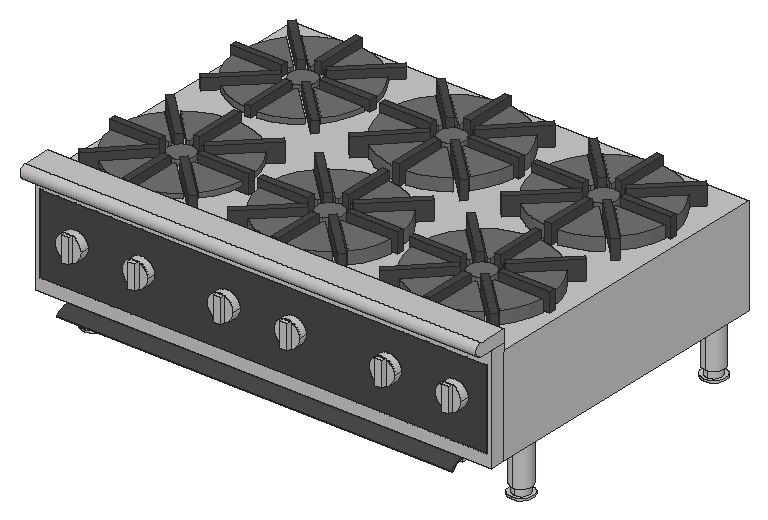
Revit family "QF_Vollrath_40738", category Specialty Equipment, Revit 2016
Family settings
  Part Type = Normal
  Round Connector Dimension = Use Diameter
  OmniClass Number = 23.40.40.14.17.14
  OmniClass Title = Hot Plates
  Work Plane-Based = No
  Always vertical = Yes
  Cut with Voids When Loaded = No
  Shared = No
  Room Calculation Point = No
Parameters (values of type "40738")
  Width = 3' - 0"
  Weight in Pounds = 228
  Watermarked By = "http://revitwatermark.com"
  URL Cutsheet = ""
  URL = ""
  Status [instance] = ""
  Specification by User [instance] = ""
  Specification by Manufacturer [instance] = ""
  Serial Number [instance] = ""
  Seismic Rating [instance] = ""
  Revision Code [instance] = ""
  NAFEM Spec ID Number [instance] = ""
  Model = "40738"
  Mechanical Remarks [instance] = ""
  Mechanical Connection Type [instance] = ""
  Masterspec [instance] = ""
  Manufacturer = "Vollrath"
  Length = 2' - 3"
  Item Number [instance] = "-"
  Installed By [instance] = ""
  Height AFF [instance] = 3' - 0"
  Gas Size = 3/4"
  Gas RI Height [instance] = 0' - 0"
  Gas Input = 156000.0 Btu/h
  Gas Connection Height [instance] = Height AFF + 0' 5 3/8"  # 3' - 5 3/8"
  Furnished By [instance] = ""
  Foodservice Equipment Identifier [instance] = yes
  Description = "Gas Hot Plate"
  CSI MasterFormat = "11 44 00"
  Assembly Code = "E1090320"
Reference planes (in)
  plane 1: z = 0
  plane 2 "BOTTOM": z = 36
  plane 3 "TOP": z = 49.375
  plane 4 "LEFT CLEARANCE": x = -30.72076
  plane 5 "RIGHT CLEARANCE": x = 17.27924
  plane 6 "BACK CLEARANCE": y = 6
  plane 7 "FRONT": y = -27
  plane 8 "Top of Legs": z = 40
  plane 9 "LEFT": x = -24.72076
  plane 10 "RIGHT": x = 11.27924
  plane 11 "BACK": y = 0
  plane 12: z = 39.75
  plane 13: z = 39.5
  plane 14: x = -22.40972
  plane 15: x = -6.72076
  plane 16: x = -15.03179
  plane 17: x = -13.21402
  plane 18: x = -24.21402
  plane 19: y = -12.9486
  plane 20: y = -23.9486
  plane 21: through (-14.39063, -23.12555, 66) normal (-0.7071, 0.7071, 0)
  plane 22: through (-23.03741, -23.12555, 66) normal (-0.7071, -0.7071, 0)
  plane 23: through (-23.03741, -13.77165, 66) normal (0.7071, -0.7071, 0)
  plane 24: through (-14.39063, -13.77165, 66) normal (0.7071, 0.7071, 0)
  plane 25: x = -13.21402
  plane 26: x = -24.21402
  plane 27: y = -0.9486
  plane 28: y = -11.9486
  plane 29: through (-14.39063, -11.12555, 66) normal (-0.7071, 0.7071, 0)
  plane 30: through (-23.03741, -11.12555, 66) normal (-0.7071, -0.7071, 0)
  plane 31: through (-23.03741, -1.77165, 66) normal (0.7071, -0.7071, 0)
  plane 32: through (-14.39063, -1.77165, 66) normal (0.7071, 0.7071, 0)
  plane 33: x = -1.46402
  plane 34: x = -12.46402
  plane 35: y = -12.9486
  plane 36: y = -23.9486
  plane 37: through (-2.64063, -23.12555, 66) normal (-0.7071, 0.7071, 0)
  plane 38: through (-11.28741, -23.12555, 66) normal (-0.7071, -0.7071, 0)
  plane 39: through (-11.28741, -13.77165, 66) normal (0.7071, -0.7071, 0)
  plane 40: through (-2.64063, -13.77165, 66) normal (0.7071, 0.7071, 0)
  plane 41: x = -1.46402
  plane 42: x = -12.46402
  plane 43: y = -0.9486
  plane 44: y = -11.9486
  plane 45: through (-2.64063, -11.12555, 66) normal (-0.7071, 0.7071, 0)
  plane 46: through (-11.28741, -11.12555, 66) normal (-0.7071, -0.7071, 0)
  plane 47: through (-11.28741, -1.77165, 66) normal (0.7071, -0.7071, 0)
  plane 48: through (-2.64063, -1.77165, 66) normal (0.7071, 0.7071, 0)
  plane 49: x = 10.53598
  plane 50: x = -0.46402
  plane 51: y = -12.9486
  plane 52: y = -23.9486
  plane 53: through (9.35937, -23.12555, 66) normal (-0.7071, 0.7071, 0)
  plane 54: through (0.71259, -23.12555, 66) normal (-0.7071, -0.7071, 0)
  plane 55: through (0.71259, -13.77165, 66) normal (0.7071, -0.7071, 0)
  plane 56: through (9.35937, -13.77165, 66) normal (0.7071, 0.7071, 0)
  plane 57: x = 10.53598
  plane 58: x = -0.46402
  plane 59: y = -0.9486
  plane 60: y = -11.9486
  plane 61: through (9.35937, -11.12555, 66) normal (-0.7071, 0.7071, 0)
  plane 62: through (0.71259, -11.12555, 66) normal (-0.7071, -0.7071, 0)
  plane 63: through (0.71259, -1.77165, 66) normal (0.7071, -0.7071, 0)
  plane 64: through (9.35937, -1.77165, 66) normal (0.7071, 0.7071, 0)
  plane 65: z = 47.86814
  plane 66: z = 48.5
  plane 67: z = 48.875
  plane 68: x = -0.22076
  plane 69: z = 43.59949
Forms (in)
  Extrusion 1, solid, material "QF_Finishes_Stainless Steel"
    sketch origin (0, 0, 36) x (0, 1, 0) y (-1, 0, 0)
      loop
        circle (-2, 23.59576) r 0.9375
    from 0 to 0.125
  Extrusion 2, solid, material "QF_Finishes_Stainless Steel"
    sketch origin (0, 0, 36) x (0, 1, 0) y (-1, 0, 0)
      loop
        circle (-2, 23.59576) r 0.625
    from 0.125 to 0.75
  Extrusion 3, solid, material "QF_Finishes_Stainless Steel"
    sketch origin (0, 0, 36) x (0, 1, 0) y (-1, 0, 0)
      loop
        circle (-2, 23.59576) r 0.8125
    from 0.75 to 4
  Extrusion 4, solid, material "QF_Finishes_Stainless Steel"
    sketch origin (21.375, 0, 36) x (0, 1, 0) y (-1, 0, 0)
      loop
        circle (-2, 11.22076) r 0.9375
    from 0 to 0.125
  Extrusion 5, solid, material "QF_Finishes_Stainless Steel"
    sketch origin (21.375, 0, 36) x (0, 1, 0) y (-1, 0, 0)
      loop
        circle (-2, 11.22076) r 0.625
    from 0.125 to 0.75
  Extrusion 6, solid, material "QF_Finishes_Stainless Steel"
    sketch origin (21.375, 0, 36) x (0, 1, 0) y (-1, 0, 0)
      loop
        circle (-2, 11.22076) r 0.8125
    from 0.75 to 4
  Extrusion 7, solid, material "QF_Finishes_Stainless Steel"
    sketch origin (21.375, -24, 36) x (0, 1, 0) y (-1, 0, 0)
      loop
        circle (3, 11.22076) r 0.9375
    from 0 to 0.125
  Extrusion 8, solid, material "QF_Finishes_Stainless Steel"
    sketch origin (21.375, -24, 36) x (0, 1, 0) y (-1, 0, 0)
      loop
        circle (3, 11.22076) r 0.625
    from 0.125 to 0.75
  Extrusion 9, solid, material "QF_Finishes_Stainless Steel"
    sketch origin (21.375, -24, 36) x (0, 1, 0) y (-1, 0, 0)
      loop
        circle (3, 11.22076) r 0.8125
    from 0.75 to 4
  Extrusion 10, solid, material "QF_Finishes_Stainless Steel"
    sketch origin (0, -24, 36) x (0, 1, 0) y (-1, 0, 0)
      loop
        circle (3, 23.59576) r 0.9375
    from 0 to 0.125
  Extrusion 11, solid, material "QF_Finishes_Stainless Steel"
    sketch origin (0, -24, 36) x (0, 1, 0) y (-1, 0, 0)
      loop
        circle (3, 23.59576) r 0.625
    from 0.125 to 0.75
  Extrusion 12, solid, material "QF_Finishes_Stainless Steel"
    sketch origin (0, -24, 36) x (0, 1, 0) y (-1, 0, 0)
      loop
        circle (3, 23.59576) r 0.8125
    from 0.75 to 4
  Extrusion 13, solid, material "QF_Finishes_Clearances", detail levels coarse
    sketch origin (0, 0, 36) x (0, 1, 0) y (-1, 0, 0)
      loop
        line (6, 30.72076) -> (-27, 30.72076) -> (-27, 24.72076) -> (6, 24.72076) -> (6, 30.72076)
    from 0 to 13.375
  Extrusion 14, solid, material "QF_Finishes_Clearances", detail levels coarse
    sketch origin (0, 0, 36) x (0, 1, 0) y (-1, 0, 0)
      loop
        line (6, -11.27924) -> (-27, -11.27924) -> (-27, -17.27924) -> (6, -17.27924) -> (6, -11.27924)
    from 0 to 13.375
  Extrusion 15, solid, material "QF_Finishes_Clearances", detail levels coarse
    sketch origin (0, 0, 36) x (0, 1, 0) y (-1, 0, 0)
      loop
        line (6, 24.72076) -> (0, 24.72076) -> (0, -11.27924) -> (6, -11.27924) -> (6, 24.72076)
    from 0 to 13.375
  Extrusion 16, solid, material "QF_Finishes_Black"
    sketch origin (-117.18277, 53.1764, 53.25) x (0, 1, 0) y (-1, 0, 0)
      loop
        line (-77.125, -98.71875) -> (-73.125, -98.71875) -> (-73.125, -98.21875) -> (-77.125, -98.21875) -> (-77.125, -98.71875)
      loop
        line (-66.125, -98.71875) -> (-66.125, -98.21875) -> (-70.125, -98.21875) -> (-70.125, -98.71875) -> (-66.125, -98.71875)
      loop
        line (-71.375, -92.96875) -> (-71.875, -92.96875) -> (-71.875, -96.96875) -> (-71.375, -96.96875) -> (-71.375, -92.96875)
      loop
        line (-70.44823, -97.64554) -> (-66.94805, -94.14536) -> (-67.30161, -93.7918) -> (-70.80179, -97.29198) -> (-70.44823, -97.64554)
      loop
        line (-72.80177, -97.64554) -> (-72.44821, -97.29198) -> (-75.94839, -93.7918) -> (-76.30195, -94.14536) -> (-72.80177, -97.64554)
      loop
        line (-72.80177, -99.29196) -> (-76.30195, -102.79214) -> (-75.94839, -103.1457) -> (-72.44821, -99.64552) -> (-72.80177, -99.29196)
      loop
        line (-70.44823, -99.29196) -> (-70.80179, -99.64552) -> (-67.30161, -103.1457) -> (-66.94805, -102.79214) -> (-70.44823, -99.29196)
      loop
        line (-71.375, -103.96875) -> (-71.375, -99.96875) -> (-71.875, -99.96875) -> (-71.875, -103.96875) -> (-71.375, -103.96875)
    from -5.38186 to -3.875
  Extrusion 17, solid, material "QF_Finishes_Dark Grey"
    sketch origin (-117.18277, 53.1764, 53.25) x (0, 1, 0) y (-1, 0, 0)
      loop
        circle (-71.625, -98.46875) r 1
      loop
        arc (-70.2108, -98.96875) -> (-70.23919, -99.04277) -> (-70.27146, -99.11519) r 1.49999
        line (-70.27146, -99.11519) -> (-67.60333, -101.78331)
        arc (-67.60333, -101.78331) -> (-66.81016, -100.46312) -> (-66.4375, -98.96875) r 5.21154
        line (-66.4375, -98.96875) -> (-70.2108, -98.96875)
      loop
        line (-70.2108, -97.96875) -> (-66.4375, -97.96875)
        arc (-66.4375, -97.96875) -> (-66.81016, -96.47438) -> (-67.60333, -95.15419) r 5.21154
        line (-67.60333, -95.15419) -> (-70.27146, -97.82231)
        arc (-70.27146, -97.82231) -> (-70.23919, -97.89473) -> (-70.2108, -97.96875) r 1.49999
      loop
        arc (-71.125, -97.05455) -> (-71.05098, -97.08294) -> (-70.97856, -97.11521) r 1.49999
        line (-70.97856, -97.11521) -> (-68.31044, -94.44708)
        arc (-68.31044, -94.44708) -> (-69.63063, -93.65391) -> (-71.125, -93.28125) r 5.21154
        line (-71.125, -93.28125) -> (-71.125, -97.05455)
      loop
        arc (-72.125, -93.28125) -> (-73.61937, -93.65391) -> (-74.93956, -94.44708) r 5.21154
        line (-74.93956, -94.44708) -> (-72.27144, -97.11521)
        arc (-72.27144, -97.11521) -> (-72.19902, -97.08294) -> (-72.125, -97.05455) r 1.49999
        line (-72.125, -97.05455) -> (-72.125, -93.28125)
      loop
        arc (-75.64667, -95.15419) -> (-76.43984, -96.47438) -> (-76.8125, -97.96875) r 5.21154
        line (-76.8125, -97.96875) -> (-73.0392, -97.96875)
        arc (-73.0392, -97.96875) -> (-73.01081, -97.89473) -> (-72.97854, -97.82231) r 1.49999
        line (-72.97854, -97.82231) -> (-75.64667, -95.15419)
      loop
        arc (-76.8125, -98.96875) -> (-76.43984, -100.46312) -> (-75.64667, -101.78331) r 5.21154
        line (-75.64667, -101.78331) -> (-72.97854, -99.11519)
        arc (-72.97854, -99.11519) -> (-73.01081, -99.04277) -> (-73.0392, -98.96875) r 1.49999
        line (-73.0392, -98.96875) -> (-76.8125, -98.96875)
      loop
        arc (-74.93956, -102.49042) -> (-73.61937, -103.28359) -> (-72.125, -103.65625) r 5.21154
        line (-72.125, -103.65625) -> (-72.125, -99.88295)
        arc (-72.125, -99.88295) -> (-72.19902, -99.85456) -> (-72.27144, -99.82229) r 1.49999
        line (-72.27144, -99.82229) -> (-74.93956, -102.49042)
      loop
        arc (-71.125, -103.65625) -> (-69.63063, -103.28359) -> (-68.31044, -102.49042) r 5.21154
        line (-68.31044, -102.49042) -> (-70.97856, -99.82229)
        arc (-70.97856, -99.82229) -> (-71.05098, -99.85456) -> (-71.125, -99.88295) r 1.49999
        line (-71.125, -99.88295) -> (-71.125, -103.65625)
    from -4.75 to -4.375
  Extrusion 18, solid, material "QF_Finishes_Black"
    sketch origin (-117.18277, 65.1764, 53.25) x (0, 1, 0) y (-1, 0, 0)
      loop
        line (-77.125, -98.71875) -> (-73.125, -98.71875) -> (-73.125, -98.21875) -> (-77.125, -98.21875) -> (-77.125, -98.71875)
      loop
        line (-66.125, -98.71875) -> (-66.125, -98.21875) -> (-70.125, -98.21875) -> (-70.125, -98.71875) -> (-66.125, -98.71875)
      loop
        line (-71.375, -92.96875) -> (-71.875, -92.96875) -> (-71.875, -96.96875) -> (-71.375, -96.96875) -> (-71.375, -92.96875)
      loop
        line (-70.44823, -97.64554) -> (-66.94805, -94.14536) -> (-67.30161, -93.7918) -> (-70.80179, -97.29198) -> (-70.44823, -97.64554)
      loop
        line (-72.80177, -97.64554) -> (-72.44821, -97.29198) -> (-75.94839, -93.7918) -> (-76.30195, -94.14536) -> (-72.80177, -97.64554)
      loop
        line (-72.80177, -99.29196) -> (-76.30195, -102.79214) -> (-75.94839, -103.1457) -> (-72.44821, -99.64552) -> (-72.80177, -99.29196)
      loop
        line (-70.44823, -99.29196) -> (-70.80179, -99.64552) -> (-67.30161, -103.1457) -> (-66.94805, -102.79214) -> (-70.44823, -99.29196)
      loop
        line (-71.375, -103.96875) -> (-71.375, -99.96875) -> (-71.875, -99.96875) -> (-71.875, -103.96875) -> (-71.375, -103.96875)
    from -4.75 to -3.875
  Extrusion 19, solid, material "QF_Finishes_Dark Grey"
    sketch origin (-117.18277, 65.1764, 53.25) x (0, 1, 0) y (-1, 0, 0)
      loop
        circle (-71.625, -98.46875) r 1
      loop
        arc (-70.2108, -98.96875) -> (-70.23919, -99.04277) -> (-70.27146, -99.11519) r 1.49999
        line (-70.27146, -99.11519) -> (-67.60333, -101.78331)
        arc (-67.60333, -101.78331) -> (-66.81016, -100.46312) -> (-66.4375, -98.96875) r 5.21154
        line (-66.4375, -98.96875) -> (-70.2108, -98.96875)
      loop
        line (-70.2108, -97.96875) -> (-66.4375, -97.96875)
        arc (-66.4375, -97.96875) -> (-66.81016, -96.47438) -> (-67.60333, -95.15419) r 5.21154
        line (-67.60333, -95.15419) -> (-70.27146, -97.82231)
        arc (-70.27146, -97.82231) -> (-70.23919, -97.89473) -> (-70.2108, -97.96875) r 1.49999
      loop
        arc (-71.125, -97.05455) -> (-71.05098, -97.08294) -> (-70.97856, -97.11521) r 1.49999
        line (-70.97856, -97.11521) -> (-68.31044, -94.44708)
        arc (-68.31044, -94.44708) -> (-69.63063, -93.65391) -> (-71.125, -93.28125) r 5.21154
        line (-71.125, -93.28125) -> (-71.125, -97.05455)
      loop
        arc (-72.125, -93.28125) -> (-73.61937, -93.65391) -> (-74.93956, -94.44708) r 5.21154
        line (-74.93956, -94.44708) -> (-72.27144, -97.11521)
        arc (-72.27144, -97.11521) -> (-72.19902, -97.08294) -> (-72.125, -97.05455) r 1.49999
        line (-72.125, -97.05455) -> (-72.125, -93.28125)
      loop
        arc (-75.64667, -95.15419) -> (-76.43984, -96.47438) -> (-76.8125, -97.96875) r 5.21154
        line (-76.8125, -97.96875) -> (-73.0392, -97.96875)
        arc (-73.0392, -97.96875) -> (-73.01081, -97.89473) -> (-72.97854, -97.82231) r 1.49999
        line (-72.97854, -97.82231) -> (-75.64667, -95.15419)
      loop
        arc (-76.8125, -98.96875) -> (-76.43984, -100.46312) -> (-75.64667, -101.78331) r 5.21154
        line (-75.64667, -101.78331) -> (-72.97854, -99.11519)
        arc (-72.97854, -99.11519) -> (-73.01081, -99.04277) -> (-73.0392, -98.96875) r 1.49999
        line (-73.0392, -98.96875) -> (-76.8125, -98.96875)
      loop
        arc (-74.93956, -102.49042) -> (-73.61937, -103.28359) -> (-72.125, -103.65625) r 5.21154
        line (-72.125, -103.65625) -> (-72.125, -99.88295)
        arc (-72.125, -99.88295) -> (-72.19902, -99.85456) -> (-72.27144, -99.82229) r 1.49999
        line (-72.27144, -99.82229) -> (-74.93956, -102.49042)
      loop
        arc (-71.125, -103.65625) -> (-69.63063, -103.28359) -> (-68.31044, -102.49042) r 5.21154
        line (-68.31044, -102.49042) -> (-70.97856, -99.82229)
        arc (-70.97856, -99.82229) -> (-71.05098, -99.85456) -> (-71.125, -99.88295) r 1.49999
        line (-71.125, -99.88295) -> (-71.125, -103.65625)
    from -4.75 to -4.375
  Extrusion 20, solid, material "QF_Finishes_Black"
    sketch origin (-105.43277, 53.1764, 53.25) x (0, 1, 0) y (-1, 0, 0)
      loop
        line (-77.125, -98.71875) -> (-73.125, -98.71875) -> (-73.125, -98.21875) -> (-77.125, -98.21875) -> (-77.125, -98.71875)
      loop
        line (-66.125, -98.71875) -> (-66.125, -98.21875) -> (-70.125, -98.21875) -> (-70.125, -98.71875) -> (-66.125, -98.71875)
      loop
        line (-71.375, -92.96875) -> (-71.875, -92.96875) -> (-71.875, -96.96875) -> (-71.375, -96.96875) -> (-71.375, -92.96875)
      loop
        line (-70.44823, -97.64554) -> (-66.94805, -94.14536) -> (-67.30161, -93.7918) -> (-70.80179, -97.29198) -> (-70.44823, -97.64554)
      loop
        line (-72.80177, -97.64554) -> (-72.44821, -97.29198) -> (-75.94839, -93.7918) -> (-76.30195, -94.14536) -> (-72.80177, -97.64554)
      loop
        line (-72.80177, -99.29196) -> (-76.30195, -102.79214) -> (-75.94839, -103.1457) -> (-72.44821, -99.64552) -> (-72.80177, -99.29196)
      loop
        line (-70.44823, -99.29196) -> (-70.80179, -99.64552) -> (-67.30161, -103.1457) -> (-66.94805, -102.79214) -> (-70.44823, -99.29196)
      loop
        line (-71.375, -103.96875) -> (-71.375, -99.96875) -> (-71.875, -99.96875) -> (-71.875, -103.96875) -> (-71.375, -103.96875)
    from -5.38186 to -3.875
  Extrusion 21, solid, material "QF_Finishes_Dark Grey"
    sketch origin (-105.43277, 53.1764, 53.25) x (0, 1, 0) y (-1, 0, 0)
      loop
        circle (-71.625, -98.46875) r 1
      loop
        arc (-70.2108, -98.96875) -> (-70.23919, -99.04277) -> (-70.27146, -99.11519) r 1.49999
        line (-70.27146, -99.11519) -> (-67.60333, -101.78331)
        arc (-67.60333, -101.78331) -> (-66.81016, -100.46312) -> (-66.4375, -98.96875) r 5.21154
        line (-66.4375, -98.96875) -> (-70.2108, -98.96875)
      loop
        line (-70.2108, -97.96875) -> (-66.4375, -97.96875)
        arc (-66.4375, -97.96875) -> (-66.81016, -96.47438) -> (-67.60333, -95.15419) r 5.21154
        line (-67.60333, -95.15419) -> (-70.27146, -97.82231)
        arc (-70.27146, -97.82231) -> (-70.23919, -97.89473) -> (-70.2108, -97.96875) r 1.49999
      loop
        arc (-71.125, -97.05455) -> (-71.05098, -97.08294) -> (-70.97856, -97.11521) r 1.49999
        line (-70.97856, -97.11521) -> (-68.31044, -94.44708)
        arc (-68.31044, -94.44708) -> (-69.63063, -93.65391) -> (-71.125, -93.28125) r 5.21154
        line (-71.125, -93.28125) -> (-71.125, -97.05455)
      loop
        arc (-72.125, -93.28125) -> (-73.61937, -93.65391) -> (-74.93956, -94.44708) r 5.21154
        line (-74.93956, -94.44708) -> (-72.27144, -97.11521)
        arc (-72.27144, -97.11521) -> (-72.19902, -97.08294) -> (-72.125, -97.05455) r 1.49999
        line (-72.125, -97.05455) -> (-72.125, -93.28125)
      loop
        arc (-75.64667, -95.15419) -> (-76.43984, -96.47438) -> (-76.8125, -97.96875) r 5.21154
        line (-76.8125, -97.96875) -> (-73.0392, -97.96875)
        arc (-73.0392, -97.96875) -> (-73.01081, -97.89473) -> (-72.97854, -97.82231) r 1.49999
        line (-72.97854, -97.82231) -> (-75.64667, -95.15419)
      loop
        arc (-76.8125, -98.96875) -> (-76.43984, -100.46312) -> (-75.64667, -101.78331) r 5.21154
        line (-75.64667, -101.78331) -> (-72.97854, -99.11519)
        arc (-72.97854, -99.11519) -> (-73.01081, -99.04277) -> (-73.0392, -98.96875) r 1.49999
        line (-73.0392, -98.96875) -> (-76.8125, -98.96875)
      loop
        arc (-74.93956, -102.49042) -> (-73.61937, -103.28359) -> (-72.125, -103.65625) r 5.21154
        line (-72.125, -103.65625) -> (-72.125, -99.88295)
        arc (-72.125, -99.88295) -> (-72.19902, -99.85456) -> (-72.27144, -99.82229) r 1.49999
        line (-72.27144, -99.82229) -> (-74.93956, -102.49042)
      loop
        arc (-71.125, -103.65625) -> (-69.63063, -103.28359) -> (-68.31044, -102.49042) r 5.21154
        line (-68.31044, -102.49042) -> (-70.97856, -99.82229)
        arc (-70.97856, -99.82229) -> (-71.05098, -99.85456) -> (-71.125, -99.88295) r 1.49999
        line (-71.125, -99.88295) -> (-71.125, -103.65625)
    from -5.38186 to -4.375
  Extrusion 22, solid, material "QF_Finishes_Black"
    sketch origin (-105.43277, 65.1764, 53.25) x (0, 1, 0) y (-1, 0, 0)
      loop
        line (-77.125, -98.71875) -> (-73.125, -98.71875) -> (-73.125, -98.21875) -> (-77.125, -98.21875) -> (-77.125, -98.71875)
      loop
        line (-66.125, -98.71875) -> (-66.125, -98.21875) -> (-70.125, -98.21875) -> (-70.125, -98.71875) -> (-66.125, -98.71875)
      loop
        line (-71.375, -92.96875) -> (-71.875, -92.96875) -> (-71.875, -96.96875) -> (-71.375, -96.96875) -> (-71.375, -92.96875)
      loop
        line (-70.44823, -97.64554) -> (-66.94805, -94.14536) -> (-67.30161, -93.7918) -> (-70.80179, -97.29198) -> (-70.44823, -97.64554)
      loop
        line (-72.80177, -97.64554) -> (-72.44821, -97.29198) -> (-75.94839, -93.7918) -> (-76.30195, -94.14536) -> (-72.80177, -97.64554)
      loop
        line (-72.80177, -99.29196) -> (-76.30195, -102.79214) -> (-75.94839, -103.1457) -> (-72.44821, -99.64552) -> (-72.80177, -99.29196)
      loop
        line (-70.44823, -99.29196) -> (-70.80179, -99.64552) -> (-67.30161, -103.1457) -> (-66.94805, -102.79214) -> (-70.44823, -99.29196)
      loop
        line (-71.375, -103.96875) -> (-71.375, -99.96875) -> (-71.875, -99.96875) -> (-71.875, -103.96875) -> (-71.375, -103.96875)
    from -5.38186 to -3.875
  Extrusion 23, solid, material "QF_Finishes_Dark Grey"
    sketch origin (-105.43277, 65.1764, 53.25) x (0, 1, 0) y (-1, 0, 0)
      loop
        circle (-71.625, -98.46875) r 1
      loop
        arc (-70.2108, -98.96875) -> (-70.23919, -99.04277) -> (-70.27146, -99.11519) r 1.49999
        line (-70.27146, -99.11519) -> (-67.60333, -101.78331)
        arc (-67.60333, -101.78331) -> (-66.81016, -100.46312) -> (-66.4375, -98.96875) r 5.21154
        line (-66.4375, -98.96875) -> (-70.2108, -98.96875)
      loop
        line (-70.2108, -97.96875) -> (-66.4375, -97.96875)
        arc (-66.4375, -97.96875) -> (-66.81016, -96.47438) -> (-67.60333, -95.15419) r 5.21154
        line (-67.60333, -95.15419) -> (-70.27146, -97.82231)
        arc (-70.27146, -97.82231) -> (-70.23919, -97.89473) -> (-70.2108, -97.96875) r 1.49999
      loop
        arc (-71.125, -97.05455) -> (-71.05098, -97.08294) -> (-70.97856, -97.11521) r 1.49999
        line (-70.97856, -97.11521) -> (-68.31044, -94.44708)
        arc (-68.31044, -94.44708) -> (-69.63063, -93.65391) -> (-71.125, -93.28125) r 5.21154
        line (-71.125, -93.28125) -> (-71.125, -97.05455)
      loop
        arc (-72.125, -93.28125) -> (-73.61937, -93.65391) -> (-74.93956, -94.44708) r 5.21154
        line (-74.93956, -94.44708) -> (-72.27144, -97.11521)
        arc (-72.27144, -97.11521) -> (-72.19902, -97.08294) -> (-72.125, -97.05455) r 1.49999
        line (-72.125, -97.05455) -> (-72.125, -93.28125)
      loop
        arc (-75.64667, -95.15419) -> (-76.43984, -96.47438) -> (-76.8125, -97.96875) r 5.21154
        line (-76.8125, -97.96875) -> (-73.0392, -97.96875)
        arc (-73.0392, -97.96875) -> (-73.01081, -97.89473) -> (-72.97854, -97.82231) r 1.49999
        line (-72.97854, -97.82231) -> (-75.64667, -95.15419)
      loop
        arc (-76.8125, -98.96875) -> (-76.43984, -100.46312) -> (-75.64667, -101.78331) r 5.21154
        line (-75.64667, -101.78331) -> (-72.97854, -99.11519)
        arc (-72.97854, -99.11519) -> (-73.01081, -99.04277) -> (-73.0392, -98.96875) r 1.49999
        line (-73.0392, -98.96875) -> (-76.8125, -98.96875)
      loop
        arc (-74.93956, -102.49042) -> (-73.61937, -103.28359) -> (-72.125, -103.65625) r 5.21154
        line (-72.125, -103.65625) -> (-72.125, -99.88295)
        arc (-72.125, -99.88295) -> (-72.19902, -99.85456) -> (-72.27144, -99.82229) r 1.49999
        line (-72.27144, -99.82229) -> (-74.93956, -102.49042)
      loop
        arc (-71.125, -103.65625) -> (-69.63063, -103.28359) -> (-68.31044, -102.49042) r 5.21154
        line (-68.31044, -102.49042) -> (-70.97856, -99.82229)
        arc (-70.97856, -99.82229) -> (-71.05098, -99.85456) -> (-71.125, -99.88295) r 1.49999
        line (-71.125, -99.88295) -> (-71.125, -103.65625)
    from -5.38186 to -4.375
  Extrusion 24, solid, material "QF_Finishes_Black"
    sketch origin (-93.43277, 53.1764, 53.25) x (0, 1, 0) y (-1, 0, 0)
      loop
        line (-77.125, -98.71875) -> (-73.125, -98.71875) -> (-73.125, -98.21875) -> (-77.125, -98.21875) -> (-77.125, -98.71875)
      loop
        line (-66.125, -98.71875) -> (-66.125, -98.21875) -> (-70.125, -98.21875) -> (-70.125, -98.71875) -> (-66.125, -98.71875)
      loop
        line (-71.375, -92.96875) -> (-71.875, -92.96875) -> (-71.875, -96.96875) -> (-71.375, -96.96875) -> (-71.375, -92.96875)
      loop
        line (-70.44823, -97.64554) -> (-66.94805, -94.14536) -> (-67.30161, -93.7918) -> (-70.80179, -97.29198) -> (-70.44823, -97.64554)
      loop
        line (-72.80177, -97.64554) -> (-72.44821, -97.29198) -> (-75.94839, -93.7918) -> (-76.30195, -94.14536) -> (-72.80177, -97.64554)
      loop
        line (-72.80177, -99.29196) -> (-76.30195, -102.79214) -> (-75.94839, -103.1457) -> (-72.44821, -99.64552) -> (-72.80177, -99.29196)
      loop
        line (-70.44823, -99.29196) -> (-70.80179, -99.64552) -> (-67.30161, -103.1457) -> (-66.94805, -102.79214) -> (-70.44823, -99.29196)
      loop
        line (-71.375, -103.96875) -> (-71.375, -99.96875) -> (-71.875, -99.96875) -> (-71.875, -103.96875) -> (-71.375, -103.96875)
    from -5.38186 to -3.875
  Extrusion 25, solid, material "QF_Finishes_Dark Grey"
    sketch origin (-93.43277, 53.1764, 53.25) x (0, 1, 0) y (-1, 0, 0)
      loop
        circle (-71.625, -98.46875) r 1
      loop
        arc (-70.2108, -98.96875) -> (-70.23919, -99.04277) -> (-70.27146, -99.11519) r 1.49999
        line (-70.27146, -99.11519) -> (-67.60333, -101.78331)
        arc (-67.60333, -101.78331) -> (-66.81016, -100.46312) -> (-66.4375, -98.96875) r 5.21154
        line (-66.4375, -98.96875) -> (-70.2108, -98.96875)
      loop
        line (-70.2108, -97.96875) -> (-66.4375, -97.96875)
        arc (-66.4375, -97.96875) -> (-66.81016, -96.47438) -> (-67.60333, -95.15419) r 5.21154
        line (-67.60333, -95.15419) -> (-70.27146, -97.82231)
        arc (-70.27146, -97.82231) -> (-70.23919, -97.89473) -> (-70.2108, -97.96875) r 1.49999
      loop
        arc (-71.125, -97.05455) -> (-71.05098, -97.08294) -> (-70.97856, -97.11521) r 1.49999
        line (-70.97856, -97.11521) -> (-68.31044, -94.44708)
        arc (-68.31044, -94.44708) -> (-69.63063, -93.65391) -> (-71.125, -93.28125) r 5.21154
        line (-71.125, -93.28125) -> (-71.125, -97.05455)
      loop
        arc (-72.125, -93.28125) -> (-73.61937, -93.65391) -> (-74.93956, -94.44708) r 5.21154
        line (-74.93956, -94.44708) -> (-72.27144, -97.11521)
        arc (-72.27144, -97.11521) -> (-72.19902, -97.08294) -> (-72.125, -97.05455) r 1.49999
        line (-72.125, -97.05455) -> (-72.125, -93.28125)
      loop
        arc (-75.64667, -95.15419) -> (-76.43984, -96.47438) -> (-76.8125, -97.96875) r 5.21154
        line (-76.8125, -97.96875) -> (-73.0392, -97.96875)
        arc (-73.0392, -97.96875) -> (-73.01081, -97.89473) -> (-72.97854, -97.82231) r 1.49999
        line (-72.97854, -97.82231) -> (-75.64667, -95.15419)
      loop
        arc (-76.8125, -98.96875) -> (-76.43984, -100.46312) -> (-75.64667, -101.78331) r 5.21154
        line (-75.64667, -101.78331) -> (-72.97854, -99.11519)
        arc (-72.97854, -99.11519) -> (-73.01081, -99.04277) -> (-73.0392, -98.96875) r 1.49999
        line (-73.0392, -98.96875) -> (-76.8125, -98.96875)
      loop
        arc (-74.93956, -102.49042) -> (-73.61937, -103.28359) -> (-72.125, -103.65625) r 5.21154
        line (-72.125, -103.65625) -> (-72.125, -99.88295)
        arc (-72.125, -99.88295) -> (-72.19902, -99.85456) -> (-72.27144, -99.82229) r 1.49999
        line (-72.27144, -99.82229) -> (-74.93956, -102.49042)
      loop
        arc (-71.125, -103.65625) -> (-69.63063, -103.28359) -> (-68.31044, -102.49042) r 5.21154
        line (-68.31044, -102.49042) -> (-70.97856, -99.82229)
        arc (-70.97856, -99.82229) -> (-71.05098, -99.85456) -> (-71.125, -99.88295) r 1.49999
        line (-71.125, -99.88295) -> (-71.125, -103.65625)
    from -5.38186 to -4.375
  Extrusion 26, solid, material "QF_Finishes_Black"
    sketch origin (-93.43277, 65.1764, 53.25) x (0, 1, 0) y (-1, 0, 0)
      loop
        line (-77.125, -98.71875) -> (-73.125, -98.71875) -> (-73.125, -98.21875) -> (-77.125, -98.21875) -> (-77.125, -98.71875)
      loop
        line (-66.125, -98.71875) -> (-66.125, -98.21875) -> (-70.125, -98.21875) -> (-70.125, -98.71875) -> (-66.125, -98.71875)
      loop
        line (-71.375, -92.96875) -> (-71.875, -92.96875) -> (-71.875, -96.96875) -> (-71.375, -96.96875) -> (-71.375, -92.96875)
      loop
        line (-70.44823, -97.64554) -> (-66.94805, -94.14536) -> (-67.30161, -93.7918) -> (-70.80179, -97.29198) -> (-70.44823, -97.64554)
      loop
        line (-72.80177, -97.64554) -> (-72.44821, -97.29198) -> (-75.94839, -93.7918) -> (-76.30195, -94.14536) -> (-72.80177, -97.64554)
      loop
        line (-72.80177, -99.29196) -> (-76.30195, -102.79214) -> (-75.94839, -103.1457) -> (-72.44821, -99.64552) -> (-72.80177, -99.29196)
      loop
        line (-70.44823, -99.29196) -> (-70.80179, -99.64552) -> (-67.30161, -103.1457) -> (-66.94805, -102.79214) -> (-70.44823, -99.29196)
      loop
        line (-71.375, -103.96875) -> (-71.375, -99.96875) -> (-71.875, -99.96875) -> (-71.875, -103.96875) -> (-71.375, -103.96875)
    from -5.38186 to -3.875
  Extrusion 27, solid, material "QF_Finishes_Dark Grey"
    sketch origin (-93.43277, 65.1764, 53.25) x (0, 1, 0) y (-1, 0, 0)
      loop
        circle (-71.625, -98.46875) r 1
      loop
        arc (-70.2108, -98.96875) -> (-70.23919, -99.04277) -> (-70.27146, -99.11519) r 1.49999
        line (-70.27146, -99.11519) -> (-67.60333, -101.78331)
        arc (-67.60333, -101.78331) -> (-66.81016, -100.46312) -> (-66.4375, -98.96875) r 5.21154
        line (-66.4375, -98.96875) -> (-70.2108, -98.96875)
      loop
        line (-70.2108, -97.96875) -> (-66.4375, -97.96875)
        arc (-66.4375, -97.96875) -> (-66.81016, -96.47438) -> (-67.60333, -95.15419) r 5.21154
        line (-67.60333, -95.15419) -> (-70.27146, -97.82231)
        arc (-70.27146, -97.82231) -> (-70.23919, -97.89473) -> (-70.2108, -97.96875) r 1.49999
      loop
        arc (-71.125, -97.05455) -> (-71.05098, -97.08294) -> (-70.97856, -97.11521) r 1.49999
        line (-70.97856, -97.11521) -> (-68.31044, -94.44708)
        arc (-68.31044, -94.44708) -> (-69.63063, -93.65391) -> (-71.125, -93.28125) r 5.21154
        line (-71.125, -93.28125) -> (-71.125, -97.05455)
      loop
        arc (-72.125, -93.28125) -> (-73.61937, -93.65391) -> (-74.93956, -94.44708) r 5.21154
        line (-74.93956, -94.44708) -> (-72.27144, -97.11521)
        arc (-72.27144, -97.11521) -> (-72.19902, -97.08294) -> (-72.125, -97.05455) r 1.49999
        line (-72.125, -97.05455) -> (-72.125, -93.28125)
      loop
        arc (-75.64667, -95.15419) -> (-76.43984, -96.47438) -> (-76.8125, -97.96875) r 5.21154
        line (-76.8125, -97.96875) -> (-73.0392, -97.96875)
        arc (-73.0392, -97.96875) -> (-73.01081, -97.89473) -> (-72.97854, -97.82231) r 1.49999
        line (-72.97854, -97.82231) -> (-75.64667, -95.15419)
      loop
        arc (-76.8125, -98.96875) -> (-76.43984, -100.46312) -> (-75.64667, -101.78331) r 5.21154
        line (-75.64667, -101.78331) -> (-72.97854, -99.11519)
        arc (-72.97854, -99.11519) -> (-73.01081, -99.04277) -> (-73.0392, -98.96875) r 1.49999
        line (-73.0392, -98.96875) -> (-76.8125, -98.96875)
      loop
        arc (-74.93956, -102.49042) -> (-73.61937, -103.28359) -> (-72.125, -103.65625) r 5.21154
        line (-72.125, -103.65625) -> (-72.125, -99.88295)
        arc (-72.125, -99.88295) -> (-72.19902, -99.85456) -> (-72.27144, -99.82229) r 1.49999
        line (-72.27144, -99.82229) -> (-74.93956, -102.49042)
      loop
        arc (-71.125, -103.65625) -> (-69.63063, -103.28359) -> (-68.31044, -102.49042) r 5.21154
        line (-68.31044, -102.49042) -> (-70.97856, -99.82229)
        arc (-70.97856, -99.82229) -> (-71.05098, -99.85456) -> (-71.125, -99.88295) r 1.49999
        line (-71.125, -99.88295) -> (-71.125, -103.65625)
    from -5.38186 to -4.375
  Extrusion 28, solid, material "QF_Finishes_Stainless Steel"
    sketch origin (0, 0, 0) x (1, 0, 0) y (0, 0, 1)
      loop
        circle (-0.22076, 41.5) r 0.375
    from 0 to -0.25
  Extrusion 29, solid, material "QF_Finishes_Stainless Steel"
    sketch origin (-24.72076, 0.12645, 14.17115) x (0, 1, 0) y (0, 0, 1)
      loop
        line (-24.25, 34.24472) -> (-24.25, 35.24469) -> (-26.47435, 35.24469)
        arc (-26.47435, 35.24469) -> (-26.99205, 34.75368) -> (-26.49199, 34.24472) r 0.50014
        line (-26.49199, 34.24472) -> (-24.25, 34.24472)
    from 0 to 36
  Extrusion 30, solid, material "QF_Finishes_Black"
    sketch origin (0, 0.12645, 14.05407) x (1, 0, 0) y (0, 0, 1)
      loop
        line (-24.40582, 26.93886) -> (10.95499, 26.93886) -> (10.95499, 33.22037) -> (-24.40582, 33.22037) -> (-24.40582, 26.93886)
      loop
        circle (-21.59244, 30.33701) r 1
      loop
        circle (-16.34244, 30.33701) r 1
      loop
        circle (-9.59244, 30.33701) r 1
      loop
        circle (-4.34244, 30.33701) r 1
      loop
        circle (3.15756, 30.33701) r 1
      loop
        circle (8.40756, 30.33701) r 1
    from 24.25 to 25.48672
  Extrusion 31, solid, material "QF_Finishes_Stainless Steel"
    sketch origin (0, 0.12645, 14.05407) x (1, 0, 0) y (0, 0, 1)
      loop
        line (-24.72076, 34.36181) -> (-24.72076, 26) -> (11.27924, 26) -> (11.27924, 34.36181) -> (-24.72076, 34.36181)
      loop
        line (-24.40582, 33.22037) -> (-24.40582, 26.93886) -> (10.95499, 26.93886) -> (10.95499, 33.22037) -> (-24.40582, 33.22037)
    from 24.25 to 25.48672
  Extrusion 32, solid, material "QF_Finishes_Stainless Steel"
    sketch origin (0, 0, -3) x (1, 0, 0) y (0, 0, 1)
      loop
        line (-22.40972, 43) -> (-22.40972, 42.75) -> (8.77924, 42.75) -> (8.77924, 43) -> (-22.40972, 43)
    from 0 to 25.04599
  Extrusion 33, solid, material "QF_Finishes_Stainless Steel"
    sketch origin (0, 0, -3) x (1, 0, 0) y (0, 0, 1)
      loop
        line (-22.40972, 42.75) -> (-22.40972, 42.5) -> (8.77924, 42.5) -> (8.77924, 42.75) -> (-22.40972, 42.75)
    from 0 to 25.04599
  Extrusion 34, solid, material "QF_Finishes_Black"
    sketch origin (-24.72076, 0, -3) x (0, 1, 0) y (0, 0, 1)
      loop
        line (-25.04599, 42.75) -> (-25.04599, 42.81748)
        arc (-25.04599, 42.81748) -> (-25.64263, 42.6735) -> (-26.1385, 42.31181) r 1.57025
        line (-26.1385, 42.31181) -> (-26.07487, 42.24818)
        arc (-26.07487, 42.24818) -> (-25.60779, 42.59619) -> (-25.04599, 42.75) r 1.57025
    from 2.31103 to 33.5
  Extrusion 35, solid, material "QF_Finishes_Stainless Steel"
    sketch origin (-24.72076, 0, 0) x (0, 1, 0) y (0, 0, 1)
      loop
        line (0, 47.86814) -> (-24.12355, 47.86814) -> (-24.12355, 40.05407) -> (0, 40.05407) -> (0, 47.86814)
    from 0 to 36
  Extrusion 36, solid, material "QF_Finishes_Stainless Steel"
    sketch origin (0, 0, 0) x (1, 0, 0) y (0, 0, 1)
      loop
        circle (-21.59244, 44.39107) r 1
      loop
        circle (-16.34244, 44.39107) r 1
      loop
        circle (-9.59244, 44.39107) r 1
      loop
        circle (-4.34244, 44.39107) r 1
      loop
        circle (3.15756, 44.39107) r 1
      loop
        circle (8.40756, 44.39107) r 1
    from 25.36027 to 26
  Extrusion 37, solid, material "QF_Finishes_Stainless Steel"
    sketch origin (0, 0, 0) x (1, 0, 0) y (0, 0, 1)
      loop
        line (-21.87108, 45.35147) -> (-21.87108, 43.42838) -> (-21.32186, 43.42838) -> (-21.32186, 45.35147) -> (-21.87108, 45.35147)
      loop
        line (-16.62108, 45.35147) -> (-16.62108, 43.42838) -> (-16.07186, 43.42838) -> (-16.07186, 45.35147) -> (-16.62108, 45.35147)
      loop
        line (-9.87108, 45.35147) -> (-9.87108, 43.42838) -> (-9.32186, 43.42838) -> (-9.32186, 45.35147) -> (-9.87108, 45.35147)
      loop
        line (-4.62108, 45.35147) -> (-4.62108, 43.42838) -> (-4.07186, 43.42838) -> (-4.07186, 45.35147) -> (-4.62108, 45.35147)
      loop
        line (2.87892, 45.35147) -> (2.87892, 43.42838) -> (3.42814, 43.42838) -> (3.42814, 45.35147) -> (2.87892, 45.35147)
      loop
        line (8.12892, 45.35147) -> (8.12892, 43.42838) -> (8.67814, 43.42838) -> (8.67814, 45.35147) -> (8.12892, 45.35147)
    from 26 to 26.36027
Lines and regions (in)
  symbolic lines, style "QF_Clearances", detail levels coarse
    curve 1: line (-30.72076, -27, 36) -> (-30.72076, 6, 36)
    curve 2: line (-30.72076, 6, 36) -> (-24.72076, 6, 36)
    curve 3: line (-24.72076, 6, 36) -> (11.27924, 6, 36)
    curve 4: line (11.27924, 6, 36) -> (17.27924, 6, 36)
    curve 5: line (17.27924, 6, 36) -> (17.27924, -27, 36)
  symbolic lines
    curve 6: arc (-19.21402, -1.2611, 36) -> (-20.70839, -1.63376, 36) -> (-22.02858, -2.42693, 36) r 5.21154
    curve 7: arc (-15.39946, -2.42693, 36) -> (-16.71965, -1.63376, 36) -> (-18.21402, -1.2611, 36) r 5.21154
    curve 8: arc (-13.52652, -5.9486, 36) -> (-13.89918, -4.45423, 36) -> (-14.69235, -3.13404, 36) r 5.21154
    curve 9: arc (-14.69235, -9.76316, 36) -> (-13.89918, -8.44297, 36) -> (-13.52652, -6.9486, 36) r 5.21154
    curve 10: arc (-18.21402, -11.6361, 36) -> (-16.71965, -11.26344, 36) -> (-15.39946, -10.47027, 36) r 5.21154
    curve 11: arc (-22.02858, -10.47027, 36) -> (-20.70839, -11.26344, 36) -> (-19.21402, -11.6361, 36) r 5.21154
    curve 12: arc (-23.90152, -6.9486, 36) -> (-23.52885, -8.44297, 36) -> (-22.73569, -9.76316, 36) r 5.21154
    curve 13: arc (-22.73569, -3.13404, 36) -> (-23.52885, -4.45423, 36) -> (-23.90152, -5.9486, 36) r 5.21154
    curve 14: line (-23.39096, -2.12521, 36) -> (-19.89079, -5.62539, 36)
    curve 15: line (-19.53723, -5.27183, 36) -> (-23.03741, -1.77165, 36)
    curve 16: line (-19.21402, -5.0344, 36) -> (-19.21402, -1.2611, 36)
    curve 17: line (-22.02858, -2.42693, 36) -> (-19.36046, -5.09506, 36)
    curve 18: line (-23.90152, -5.9486, 36) -> (-20.12822, -5.9486, 36)
    curve 19: line (-20.06756, -5.80216, 36) -> (-22.73569, -3.13404, 36)
    curve 20: line (-20.12822, -6.9486, 36) -> (-23.90152, -6.9486, 36)
    curve 21: line (-20.21402, -6.1986, 36) -> (-24.21402, -6.1986, 36)
    curve 22: line (-24.21402, -6.6986, 36) -> (-20.21402, -6.6986, 36)
    curve 23: arc (-18.71402, -5.4486, 36) -> (-19.71402, -6.4486, 36) -> (-18.71402, -7.4486, 36) r 1
    curve 24: arc (-18.71402, -7.4486, 36) -> (-17.71402, -6.4486, 36) -> (-18.71402, -5.4486, 36) r 1
    curve 25: line (-19.89079, -7.27181, 36) -> (-23.39096, -10.77199, 36)
    curve 26: line (-23.03741, -11.12555, 36) -> (-19.53723, -7.62537, 36)
    curve 27: line (-22.73569, -9.76316, 36) -> (-20.06756, -7.09504, 36)
    curve 28: line (-20.21402, -6.6986, 36) -> (-20.21402, -6.1986, 36)
    curve 29: line (-24.21402, -6.1986, 36) -> (-24.21402, -6.6986, 36)
    curve 30: arc (-20.12822, -5.9486, 36) -> (-20.09983, -5.87458, 36) -> (-20.06756, -5.80216, 36) r 1.49999
    curve 31: line (-19.89079, -5.62539, 36) -> (-19.53723, -5.27183, 36)
    curve 32: arc (-19.36046, -5.09506, 36) -> (-19.28804, -5.06279, 36) -> (-19.21402, -5.0344, 36) r 1.49999
    curve 33: line (-18.96402, -4.9486, 36) -> (-18.46402, -4.9486, 36)
    curve 34: line (-18.96402, -0.9486, 36) -> (-18.96402, -4.9486, 36)
    curve 35: line (-18.46402, -4.9486, 36) -> (-18.46402, -0.9486, 36)
    curve 36: line (-18.46402, -0.9486, 36) -> (-18.96402, -0.9486, 36)
    curve 37: line (-18.21402, -1.2611, 36) -> (-18.21402, -5.0344, 36)
    curve 38: line (-18.06758, -5.09506, 36) -> (-15.39946, -2.42693, 36)
    curve 39: line (-14.39063, -1.77165, 36) -> (-17.89081, -5.27183, 36)
    curve 40: arc (-18.21402, -5.0344, 36) -> (-18.14, -5.06279, 36) -> (-18.06758, -5.09506, 36) r 1.49999
    curve 41: line (-17.89081, -5.27183, 36) -> (-17.53725, -5.62539, 36)
    curve 42: line (-17.53725, -5.62539, 36) -> (-14.03707, -2.12521, 36)
    curve 43: line (-14.03707, -2.12521, 36) -> (-14.39063, -1.77165, 36)
    curve 44: line (-14.69235, -3.13404, 36) -> (-17.36048, -5.80216, 36)
    curve 45: line (-17.29982, -5.9486, 36) -> (-13.52652, -5.9486, 36)
    curve 46: line (-13.21402, -6.1986, 36) -> (-17.21402, -6.1986, 36)
    curve 47: line (-13.21402, -6.6986, 36) -> (-13.21402, -6.1986, 36)
    curve 48: line (-17.21402, -6.6986, 36) -> (-13.21402, -6.6986, 36)
    curve 49: line (-17.21402, -6.1986, 36) -> (-17.21402, -6.6986, 36)
    curve 50: arc (-17.36048, -5.80216, 36) -> (-17.32821, -5.87458, 36) -> (-17.29982, -5.9486, 36) r 1.49999
    curve 51: line (-13.52652, -6.9486, 36) -> (-17.29982, -6.9486, 36)
    curve 52: line (-17.36048, -7.09504, 36) -> (-14.69235, -9.76316, 36)
    curve 53: line (-19.21402, -11.6361, 36) -> (-19.21402, -7.8628, 36)
    curve 54: line (-19.36046, -7.80214, 36) -> (-22.02858, -10.47027, 36)
    curve 55: line (-19.53723, -7.62537, 36) -> (-19.89079, -7.27181, 36)
    curve 56: arc (-19.21402, -7.8628, 36) -> (-19.28804, -7.83441, 36) -> (-19.36046, -7.80214, 36) r 1.49999
    curve 57: line (-18.46402, -7.9486, 36) -> (-18.96402, -7.9486, 36)
    curve 58: line (-18.96402, -7.9486, 36) -> (-18.96402, -11.9486, 36)
    curve 59: line (-18.46402, -11.9486, 36) -> (-18.46402, -7.9486, 36)
    curve 60: line (-18.21402, -7.8628, 36) -> (-18.21402, -11.6361, 36)
    curve 61: line (-15.39946, -10.47027, 36) -> (-18.06758, -7.80214, 36)
    curve 62: arc (-18.06758, -7.80214, 36) -> (-18.14, -7.83441, 36) -> (-18.21402, -7.8628, 36) r 1.49999
    curve 63: line (-17.53725, -7.27181, 36) -> (-17.89081, -7.62537, 36)
    curve 64: line (-17.89081, -7.62537, 36) -> (-14.39063, -11.12555, 36)
    curve 65: line (-14.03707, -10.77199, 36) -> (-17.53725, -7.27181, 36)
    curve 66: line (-14.39063, -11.12555, 36) -> (-14.03707, -10.77199, 36)
    curve 67: line (-18.96402, -11.9486, 36) -> (-18.46402, -11.9486, 36)
    curve 68: line (-23.39096, -10.77199, 36) -> (-23.03741, -11.12555, 36)
    curve 69: arc (-17.29982, -6.9486, 36) -> (-17.32821, -7.02262, 36) -> (-17.36048, -7.09504, 36) r 1.49999
    curve 70: arc (-20.06756, -7.09504, 36) -> (-20.09983, -7.02262, 36) -> (-20.12822, -6.9486, 36) r 1.49999
    curve 71: line (-23.03741, -1.77165, 36) -> (-23.39096, -2.12521, 36)
    curve 72: arc (-7.46402, -1.2611, 36) -> (-8.95839, -1.63376, 36) -> (-10.27858, -2.42693, 36) r 5.21154
    curve 73: arc (-3.64946, -2.42693, 36) -> (-4.96965, -1.63376, 36) -> (-6.46402, -1.2611, 36) r 5.21154
    curve 74: arc (-1.77652, -5.9486, 36) -> (-2.14918, -4.45423, 36) -> (-2.94235, -3.13404, 36) r 5.21154
    curve 75: arc (-2.94235, -9.76316, 36) -> (-2.14918, -8.44297, 36) -> (-1.77652, -6.9486, 36) r 5.21154
    curve 76: arc (-6.46402, -11.6361, 36) -> (-4.96965, -11.26344, 36) -> (-3.64946, -10.47027, 36) r 5.21154
    curve 77: arc (-10.27858, -10.47027, 36) -> (-8.95839, -11.26344, 36) -> (-7.46402, -11.6361, 36) r 5.21154
    curve 78: arc (-12.15152, -6.9486, 36) -> (-11.77885, -8.44297, 36) -> (-10.98569, -9.76316, 36) r 5.21154
    curve 79: arc (-10.98569, -3.13404, 36) -> (-11.77885, -4.45423, 36) -> (-12.15152, -5.9486, 36) r 5.21154
    curve 80: line (-11.64096, -2.12521, 36) -> (-8.14079, -5.62539, 36)
    curve 81: line (-7.78723, -5.27183, 36) -> (-11.28741, -1.77165, 36)
    curve 82: line (-7.46402, -5.0344, 36) -> (-7.46402, -1.2611, 36)
    curve 83: line (-10.27858, -2.42693, 36) -> (-7.61046, -5.09506, 36)
    curve 84: line (-12.15152, -5.9486, 36) -> (-8.37822, -5.9486, 36)
    curve 85: line (-8.31756, -5.80216, 36) -> (-10.98569, -3.13404, 36)
    curve 86: line (-8.37822, -6.9486, 36) -> (-12.15152, -6.9486, 36)
    curve 87: line (-8.46402, -6.1986, 36) -> (-12.46402, -6.1986, 36)
    curve 88: line (-12.46402, -6.6986, 36) -> (-8.46402, -6.6986, 36)
    curve 89: arc (-6.96402, -5.4486, 36) -> (-7.96402, -6.4486, 36) -> (-6.96402, -7.4486, 36) r 1
    curve 90: arc (-6.96402, -7.4486, 36) -> (-5.96402, -6.4486, 36) -> (-6.96402, -5.4486, 36) r 1
    curve 91: line (-8.14079, -7.27181, 36) -> (-11.64096, -10.77199, 36)
    curve 92: line (-11.28741, -11.12555, 36) -> (-7.78723, -7.62537, 36)
    curve 93: line (-10.98569, -9.76316, 36) -> (-8.31756, -7.09504, 36)
    curve 94: line (-8.46402, -6.6986, 36) -> (-8.46402, -6.1986, 36)
    curve 95: line (-12.46402, -6.1986, 36) -> (-12.46402, -6.6986, 36)
    curve 96: arc (-8.37822, -5.9486, 36) -> (-8.34983, -5.87458, 36) -> (-8.31756, -5.80216, 36) r 1.49999
    curve 97: line (-8.14079, -5.62539, 36) -> (-7.78723, -5.27183, 36)
    curve 98: arc (-7.61046, -5.09506, 36) -> (-7.53804, -5.06279, 36) -> (-7.46402, -5.0344, 36) r 1.49999
    curve 99: line (-7.21402, -4.9486, 36) -> (-6.71402, -4.9486, 36)
    curve 100: line (-7.21402, -0.9486, 36) -> (-7.21402, -4.9486, 36)
    curve 101: line (-6.71402, -4.9486, 36) -> (-6.71402, -0.9486, 36)
    curve 102: line (-6.71402, -0.9486, 36) -> (-7.21402, -0.9486, 36)
    curve 103: line (-6.46402, -1.2611, 36) -> (-6.46402, -5.0344, 36)
    curve 104: line (-6.31758, -5.09506, 36) -> (-3.64946, -2.42693, 36)
    curve 105: line (-2.64063, -1.77165, 36) -> (-6.14081, -5.27183, 36)
    curve 106: arc (-6.46402, -5.0344, 36) -> (-6.39, -5.06279, 36) -> (-6.31758, -5.09506, 36) r 1.49999
    curve 107: line (-6.14081, -5.27183, 36) -> (-5.78725, -5.62539, 36)
    curve 108: line (-5.78725, -5.62539, 36) -> (-2.28707, -2.12521, 36)
    curve 109: line (-2.28707, -2.12521, 36) -> (-2.64063, -1.77165, 36)
    curve 110: line (-2.94235, -3.13404, 36) -> (-5.61048, -5.80216, 36)
    curve 111: line (-5.54982, -5.9486, 36) -> (-1.77652, -5.9486, 36)
    curve 112: line (-1.46402, -6.1986, 36) -> (-5.46402, -6.1986, 36)
    curve 113: line (-1.46402, -6.6986, 36) -> (-1.46402, -6.1986, 36)
    curve 114: line (-5.46402, -6.6986, 36) -> (-1.46402, -6.6986, 36)
    curve 115: line (-5.46402, -6.1986, 36) -> (-5.46402, -6.6986, 36)
    curve 116: arc (-5.61048, -5.80216, 36) -> (-5.57821, -5.87458, 36) -> (-5.54982, -5.9486, 36) r 1.49999
    curve 117: line (-1.77652, -6.9486, 36) -> (-5.54982, -6.9486, 36)
    curve 118: line (-5.61048, -7.09504, 36) -> (-2.94235, -9.76316, 36)
    curve 119: line (-7.46402, -11.6361, 36) -> (-7.46402, -7.8628, 36)
    curve 120: line (-7.61046, -7.80214, 36) -> (-10.27858, -10.47027, 36)
    curve 121: line (-7.78723, -7.62537, 36) -> (-8.14079, -7.27181, 36)
    curve 122: arc (-7.46402, -7.8628, 36) -> (-7.53804, -7.83441, 36) -> (-7.61046, -7.80214, 36) r 1.49999
    curve 123: line (-6.71402, -7.9486, 36) -> (-7.21402, -7.9486, 36)
    curve 124: line (-7.21402, -7.9486, 36) -> (-7.21402, -11.9486, 36)
    curve 125: line (-6.71402, -11.9486, 36) -> (-6.71402, -7.9486, 36)
    curve 126: line (-6.46402, -7.8628, 36) -> (-6.46402, -11.6361, 36)
    curve 127: line (-3.64946, -10.47027, 36) -> (-6.31758, -7.80214, 36)
    curve 128: arc (-6.31758, -7.80214, 36) -> (-6.39, -7.83441, 36) -> (-6.46402, -7.8628, 36) r 1.49999
    curve 129: line (-5.78725, -7.27181, 36) -> (-6.14081, -7.62537, 36)
    curve 130: line (-6.14081, -7.62537, 36) -> (-2.64063, -11.12555, 36)
    curve 131: line (-2.28707, -10.77199, 36) -> (-5.78725, -7.27181, 36)
    curve 132: line (-2.64063, -11.12555, 36) -> (-2.28707, -10.77199, 36)
    curve 133: line (-7.21402, -11.9486, 36) -> (-6.71402, -11.9486, 36)
    curve 134: line (-11.64096, -10.77199, 36) -> (-11.28741, -11.12555, 36)
    curve 135: arc (-5.54982, -6.9486, 36) -> (-5.57821, -7.02262, 36) -> (-5.61048, -7.09504, 36) r 1.49999
    curve 136: arc (-8.31756, -7.09504, 36) -> (-8.34983, -7.02262, 36) -> (-8.37822, -6.9486, 36) r 1.49999
    curve 137: arc (4.53598, -1.2611, 36) -> (3.04161, -1.63376, 36) -> (1.72142, -2.42693, 36) r 5.21154
    curve 138: arc (8.35054, -2.42693, 36) -> (7.03035, -1.63376, 36) -> (5.53598, -1.2611, 36) r 5.21154
    curve 139: arc (10.22348, -5.9486, 36) -> (9.85082, -4.45423, 36) -> (9.05765, -3.13404, 36) r 5.21154
    curve 140: arc (9.05765, -9.76316, 36) -> (9.85082, -8.44297, 36) -> (10.22348, -6.9486, 36) r 5.21154
    curve 141: arc (5.53598, -11.6361, 36) -> (7.03035, -11.26344, 36) -> (8.35054, -10.47027, 36) r 5.21154
    curve 142: arc (1.72142, -10.47027, 36) -> (3.04161, -11.26344, 36) -> (4.53598, -11.6361, 36) r 5.21154
    curve 143: arc (-0.15152, -6.9486, 36) -> (0.22115, -8.44297, 36) -> (1.01431, -9.76316, 36) r 5.21154
    curve 144: arc (1.01431, -3.13404, 36) -> (0.22115, -4.45423, 36) -> (-0.15152, -5.9486, 36) r 5.21154
    curve 145: line (0.35904, -2.12521, 36) -> (3.85921, -5.62539, 36)
    curve 146: line (4.21277, -5.27183, 36) -> (0.71259, -1.77165, 36)
    curve 147: line (4.53598, -5.0344, 36) -> (4.53598, -1.2611, 36)
    curve 148: line (1.72142, -2.42693, 36) -> (4.38954, -5.09506, 36)
    curve 149: line (-0.15152, -5.9486, 36) -> (3.62178, -5.9486, 36)
    curve 150: line (3.68244, -5.80216, 36) -> (1.01431, -3.13404, 36)
    curve 151: line (3.62178, -6.9486, 36) -> (-0.15152, -6.9486, 36)
    curve 152: line (3.53598, -6.1986, 36) -> (-0.46402, -6.1986, 36)
    curve 153: line (-0.46402, -6.6986, 36) -> (3.53598, -6.6986, 36)
    curve 154: arc (5.03598, -5.4486, 36) -> (4.03598, -6.4486, 36) -> (5.03598, -7.4486, 36) r 1
    curve 155: arc (5.03598, -7.4486, 36) -> (6.03598, -6.4486, 36) -> (5.03598, -5.4486, 36) r 1
    curve 156: line (3.85921, -7.27181, 36) -> (0.35904, -10.77199, 36)
    curve 157: line (0.71259, -11.12555, 36) -> (4.21277, -7.62537, 36)
    curve 158: line (1.01431, -9.76316, 36) -> (3.68244, -7.09504, 36)
    curve 159: line (3.53598, -6.6986, 36) -> (3.53598, -6.1986, 36)
    curve 160: line (-0.46402, -6.1986, 36) -> (-0.46402, -6.6986, 36)
    curve 161: arc (3.62178, -5.9486, 36) -> (3.65017, -5.87458, 36) -> (3.68244, -5.80216, 36) r 1.49999
    curve 162: line (3.85921, -5.62539, 36) -> (4.21277, -5.27183, 36)
    curve 163: arc (4.38954, -5.09506, 36) -> (4.46196, -5.06279, 36) -> (4.53598, -5.0344, 36) r 1.49999
    curve 164: line (4.78598, -4.9486, 36) -> (5.28598, -4.9486, 36)
    curve 165: line (4.78598, -0.9486, 36) -> (4.78598, -4.9486, 36)
    curve 166: line (5.28598, -4.9486, 36) -> (5.28598, -0.9486, 36)
    curve 167: line (5.28598, -0.9486, 36) -> (4.78598, -0.9486, 36)
    curve 168: line (5.53598, -1.2611, 36) -> (5.53598, -5.0344, 36)
    curve 169: line (5.68242, -5.09506, 36) -> (8.35054, -2.42693, 36)
    curve 170: line (9.35937, -1.77165, 36) -> (5.85919, -5.27183, 36)
    curve 171: arc (5.53598, -5.0344, 36) -> (5.61, -5.06279, 36) -> (5.68242, -5.09506, 36) r 1.49999
    curve 172: line (5.85919, -5.27183, 36) -> (6.21275, -5.62539, 36)
    curve 173: line (6.21275, -5.62539, 36) -> (9.71293, -2.12521, 36)
    curve 174: line (9.71293, -2.12521, 36) -> (9.35937, -1.77165, 36)
    curve 175: line (9.05765, -3.13404, 36) -> (6.38952, -5.80216, 36)
    curve 176: line (6.45018, -5.9486, 36) -> (10.22348, -5.9486, 36)
    curve 177: line (10.53598, -6.1986, 36) -> (6.53598, -6.1986, 36)
    curve 178: line (10.53598, -6.6986, 36) -> (10.53598, -6.1986, 36)
    curve 179: line (6.53598, -6.6986, 36) -> (10.53598, -6.6986, 36)
    curve 180: line (6.53598, -6.1986, 36) -> (6.53598, -6.6986, 36)
    curve 181: arc (6.38952, -5.80216, 36) -> (6.42179, -5.87458, 36) -> (6.45018, -5.9486, 36) r 1.49999
    curve 182: line (10.22348, -6.9486, 36) -> (6.45018, -6.9486, 36)
    curve 183: line (6.38952, -7.09504, 36) -> (9.05765, -9.76316, 36)
    curve 184: line (4.53598, -11.6361, 36) -> (4.53598, -7.8628, 36)
    curve 185: line (4.38954, -7.80214, 36) -> (1.72142, -10.47027, 36)
    curve 186: line (4.21277, -7.62537, 36) -> (3.85921, -7.27181, 36)
    curve 187: arc (4.53598, -7.8628, 36) -> (4.46196, -7.83441, 36) -> (4.38954, -7.80214, 36) r 1.49999
    curve 188: line (5.28598, -7.9486, 36) -> (4.78598, -7.9486, 36)
    curve 189: line (4.78598, -7.9486, 36) -> (4.78598, -11.9486, 36)
    curve 190: line (5.28598, -11.9486, 36) -> (5.28598, -7.9486, 36)
    curve 191: line (5.53598, -7.8628, 36) -> (5.53598, -11.6361, 36)
    curve 192: line (8.35054, -10.47027, 36) -> (5.68242, -7.80214, 36)
    curve 193: arc (5.68242, -7.80214, 36) -> (5.61, -7.83441, 36) -> (5.53598, -7.8628, 36) r 1.49999
    curve 194: line (6.21275, -7.27181, 36) -> (5.85919, -7.62537, 36)
    curve 195: line (5.85919, -7.62537, 36) -> (9.35937, -11.12555, 36)
    curve 196: line (9.71293, -10.77199, 36) -> (6.21275, -7.27181, 36)
    curve 197: line (9.35937, -11.12555, 36) -> (9.71293, -10.77199, 36)
    curve 198: line (4.78598, -11.9486, 36) -> (5.28598, -11.9486, 36)
    curve 199: line (0.35904, -10.77199, 36) -> (0.71259, -11.12555, 36)
    curve 200: arc (6.45018, -6.9486, 36) -> (6.42179, -7.02262, 36) -> (6.38952, -7.09504, 36) r 1.49999
    curve 201: arc (3.68244, -7.09504, 36) -> (3.65017, -7.02262, 36) -> (3.62178, -6.9486, 36) r 1.49999
    curve 202: arc (4.53598, -13.2611, 36) -> (3.04161, -13.63376, 36) -> (1.72142, -14.42693, 36) r 5.21154
    curve 203: arc (8.35054, -14.42693, 36) -> (7.03035, -13.63376, 36) -> (5.53598, -13.2611, 36) r 5.21154
    curve 204: arc (10.22348, -17.9486, 36) -> (9.85082, -16.45423, 36) -> (9.05765, -15.13404, 36) r 5.21154
    curve 205: arc (9.05765, -21.76316, 36) -> (9.85082, -20.44297, 36) -> (10.22348, -18.9486, 36) r 5.21154
    curve 206: arc (5.53598, -23.6361, 36) -> (7.03035, -23.26344, 36) -> (8.35054, -22.47027, 36) r 5.21154
    curve 207: arc (1.72142, -22.47027, 36) -> (3.04161, -23.26344, 36) -> (4.53598, -23.6361, 36) r 5.21154
    curve 208: arc (-0.15152, -18.9486, 36) -> (0.22115, -20.44297, 36) -> (1.01431, -21.76316, 36) r 5.21154
    curve 209: arc (1.01431, -15.13404, 36) -> (0.22115, -16.45423, 36) -> (-0.15152, -17.9486, 36) r 5.21154
    curve 210: line (0.35904, -14.12521, 36) -> (3.85921, -17.62539, 36)
    curve 211: line (4.21277, -17.27183, 36) -> (0.71259, -13.77165, 36)
    curve 212: line (4.53598, -17.0344, 36) -> (4.53598, -13.2611, 36)
    curve 213: line (1.72142, -14.42693, 36) -> (4.38954, -17.09506, 36)
    curve 214: line (-0.15152, -17.9486, 36) -> (3.62178, -17.9486, 36)
    curve 215: line (3.68244, -17.80216, 36) -> (1.01431, -15.13404, 36)
    curve 216: line (3.62178, -18.9486, 36) -> (-0.15152, -18.9486, 36)
    curve 217: line (3.53598, -18.1986, 36) -> (-0.46402, -18.1986, 36)
    curve 218: line (-0.46402, -18.6986, 36) -> (3.53598, -18.6986, 36)
    curve 219: arc (5.03598, -17.4486, 36) -> (4.03598, -18.4486, 36) -> (5.03598, -19.4486, 36) r 1
    curve 220: arc (5.03598, -19.4486, 36) -> (6.03598, -18.4486, 36) -> (5.03598, -17.4486, 36) r 1
    curve 221: line (3.85921, -19.27181, 36) -> (0.35904, -22.77199, 36)
    curve 222: line (0.71259, -23.12555, 36) -> (4.21277, -19.62537, 36)
    curve 223: line (1.01431, -21.76316, 36) -> (3.68244, -19.09504, 36)
    curve 224: line (3.53598, -18.6986, 36) -> (3.53598, -18.1986, 36)
    curve 225: line (-0.46402, -18.1986, 36) -> (-0.46402, -18.6986, 36)
    curve 226: arc (3.62178, -17.9486, 36) -> (3.65017, -17.87458, 36) -> (3.68244, -17.80216, 36) r 1.49999
    curve 227: line (3.85921, -17.62539, 36) -> (4.21277, -17.27183, 36)
    curve 228: arc (4.38954, -17.09506, 36) -> (4.46196, -17.06279, 36) -> (4.53598, -17.0344, 36) r 1.49999
    curve 229: line (4.78598, -16.9486, 36) -> (5.28598, -16.9486, 36)
    curve 230: line (4.78598, -12.9486, 36) -> (4.78598, -16.9486, 36)
